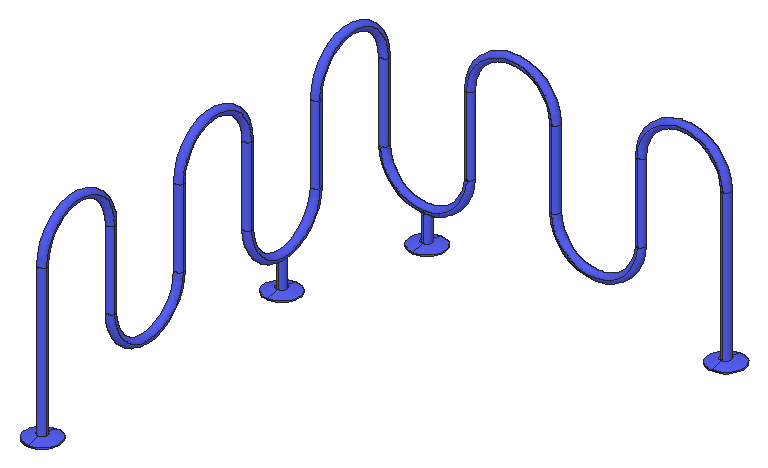
Revit family "Велопарковка «Комби-12» угловая", category Антураж, Revit 2017
Family settings
  На основе рабочей плоскости = Нет
  Всегда вертикально = Да
  При загрузке вырезать с полостями = Нет
  Источник визуального образа = Геометрия семейства
  Общий = Нет
  Точка расчета площади = Нет
Parameters (values of type "Велопарковка «Комби-12» угловая")
  Стоимость = 12561
  Изготовитель = "ООО \"Хоббика\""
  Высота = 0 mm
  URL = "https://hobbyka.ru/product/veloparkovka_kombi-12_uglovaia/?sphrase_id=68856"
  ADSK_Размер_Ширина = 1430 mm
  ADSK_Размер_Длина = 1750 mm
  ADSK_Размер_Высота = 765 mm
  ADSK_Наименование = "Велопарковка «Комби-12» угловая"
  ADSK_Материал велопарковки = Сталь, окрашенная, синяя
  ADSK_Код изделия = "7270"
Reference planes
  plane 1 "По центру (Вперед/Назад)": y = 0
  plane 2: z = 0
  plane 3 "По центру (Влево/Вправо)": x = 0
Forms (mm)
  Sweep 1, solid, material "Сталь, окрашенная, синяя" <- "ADSK_Материал велопарковки"
    path origin (0, 0, 0) x (0, 1, 0) y (0, 0, 1)
      loop
        line (-1620.004, 14.161) -> (-1620.004, 585.496)
        arc (-1620.004, 585.496) -> (-1458, 747.499) -> (-1295.997, 585.496) r 162.004
        line (-1295.997, 585.496) -> (-1295.997, 286.204)
        arc (-1295.997, 286.204) -> (-1134, 124.208) -> (-972.003, 286.204) r 161.997
        line (-972.003, 286.204) -> (-972.003, 585.496)
        arc (-972.003, 585.496) -> (-810, 747.499) -> (-647.996, 585.496) r 162.004
        line (-647.996, 585.496) -> (-647.996, 286.204)
        arc (-647.996, 286.204) -> (-485.999, 124.208) -> (-324.002, 286.204) r 161.997
        line (-324.002, 286.204) -> (-324.002, 585.496)
        arc (-324.002, 585.496) -> (-161.999, 747.499) -> (0.005, 585.496) r 162.004
        line (0.005, 585.496) -> (0.005, 286.204)
    profile origin (0, -1620.004, 299.828) x (0, -1, 0) y (1, 0, 0)
      loop
        circle (0, 0) r 16
  Sweep 2, solid, material "Сталь, окрашенная, синяя" <- "ADSK_Материал велопарковки"
    path origin (-324.008, 0, 0) x (-1, 0, 0) y (0, 0, 1)
      loop
        line (-1620.004, 14.161) -> (-1620.004, 585.496)
        arc (-1620.004, 585.496) -> (-1458, 747.499) -> (-1295.997, 585.496) r 162.004
        line (-1295.997, 585.496) -> (-1295.997, 286.204)
        arc (-1295.997, 286.204) -> (-1134, 124.208) -> (-972.003, 286.204) r 161.997
        line (-972.003, 286.204) -> (-972.003, 585.496)
        arc (-972.003, 585.496) -> (-810, 747.499) -> (-647.996, 585.496) r 162.004
        line (-647.996, 585.496) -> (-647.996, 286.204)
        arc (-647.996, 286.204) -> (-485.999, 124.208) -> (-324.002, 286.204) r 161.997
    profile origin (1295.996, 0, 299.828) x (1, 0, 0) y (0, 1, 0)
      loop
        circle (0, 0) r 16
  Revolve 3, solid, material "Сталь, окрашенная, синяя" <- "ADSK_Материал велопарковки"
    sketch origin (0, 0, 0) x (0, 1, 0) y (0, 0, 1)
      loop
        line (-1620.004, 14.161) -> (-1640.933, 14.161) -> (-1685.61, 3.139) -> (-1685.61, 0) -> (-1620.004, 0) -> (-1620.004, 14.161)
      axis (-1619.997, 14.161) -> (-1619.997, 0)
    angle from 0 to 360
  Revolve 4, solid, material "Сталь, окрашенная, синяя" <- "ADSK_Материал велопарковки"
    sketch origin (0, 1133.998, 0) x (0, 1, 0) y (0, 0, 1)
      loop
        line (-1620.004, 14.161) -> (-1640.933, 14.161) -> (-1685.61, 3.139) -> (-1685.61, 0) -> (-1620.004, 0) -> (-1620.004, 14.161)
      axis (-1619.997, 14.161) -> (-1619.997, 0)
    angle from 0 to 360
  Revolve 5, solid, material "Сталь, окрашенная, синяя" <- "ADSK_Материал велопарковки"
    sketch origin (162, 1620.004, 0) x (0, 1, 0) y (0, 0, 1)
      loop
        line (-1620.004, 14.161) -> (-1640.933, 14.161) -> (-1685.61, 3.139) -> (-1685.61, 0) -> (-1620.004, 0) -> (-1620.004, 14.161)
      axis (-1619.997, 14.161) -> (-1619.997, 0)
    angle from 0 to 360
  Revolve 6, solid, material "Сталь, окрашенная, синяя" <- "ADSK_Материал велопарковки"
    sketch origin (1295.987, 1619.974, 0) x (0, 1, 0) y (0, 0, 1)
      loop
        line (-1620.004, 14.161) -> (-1640.933, 14.161) -> (-1685.61, 3.139) -> (-1685.61, 0) -> (-1620.004, 0) -> (-1620.004, 14.161)
      axis (-1619.997, 14.161) -> (-1619.997, 0)
    angle from 0 to 360
  Revolve 7, solid, material "Сталь, окрашенная, синяя" <- "ADSK_Материал велопарковки"
    sketch origin (0, 0, 0) x (0, 1, 0) y (0, 0, 1)
      loop
        line (-485.997, 124.014) -> (-501.997, 124.014) -> (-501.997, 14.161) -> (-485.997, 14.161) -> (-485.997, 124.014)
      axis (-485.997, 124.014) -> (-485.997, 14.161)
    angle from 0 to 360
  Revolve 8, solid, material "Сталь, окрашенная, синяя" <- "ADSK_Материал велопарковки"
    sketch origin (162, 486.006, 0) x (0, 1, 0) y (0, 0, 1)
      loop
        line (-485.997, 124.014) -> (-501.997, 124.014) -> (-501.997, 14.161) -> (-485.997, 14.161) -> (-485.997, 124.014)
      axis (-485.997, 124.014) -> (-485.997, 14.161)
    angle from 0 to 360
Dimensions and locks
  aligned and locked: level to plane 2
